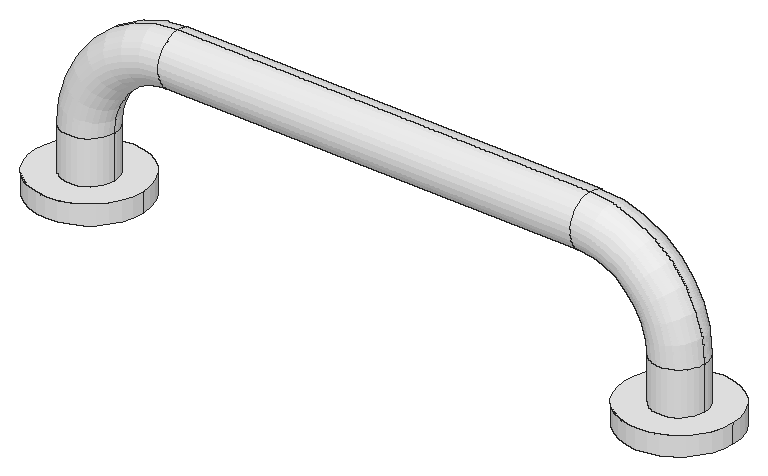
Revit family "Grab_Bar-Grohe-Essentials-40421_Series", category Specialty Equipment, host Face, Revit 2018
Family settings
  Host = Face
  Round Connector Dimension = Use Diameter
  Part Type = Normal
  OmniClass Number = 23.40.20.21.47
  OmniClass Title = Bath Grab Bars
  Cut with Voids When Loaded = No
  Shared = Yes
  Room Calculation Point = No
Parameters (values of type "40421001")
  Width = 3 15/32"
  Warranty Information = "Limited Lifetime Warranty"
  URL = "https://www.grohe.us/en_us/"
  Type Comments = ""
  Revised Date = "05/28/2021"  # constant formula
  Product Page URL = "https://www.grohe.us/Grab-Bars/12-Inch-Grab-Bar/BRUSHED-NICKEL-40421EN1"
  Product Documentation Link = "https://americanstandard.box.com/shared/static/e6iqujw4dbu3ajj84ea96077sde7tfpy.pdf"
  Price = "Prices may vary. Please consult Manufacturer Representative for most up-to-date price list."  # constant formula
  Model = "40421001"
  Material = "Metal-Grohe-001-StarLight Chrome"
  Manufacturer = "Grohe"
  Length = 11 5/8"
  Installation Type = "Wall Mounted"
  Height = 2 1/8"
  Finish = Metal-Grohe-001-StarLight Chrome
  Description = "Essentials Grip Bar"
  Default Elevation = 0"  # constant formula
  Creation Date = "09/05/2019"  # constant formula
  Assembly Code = "C1030200"
Types (6): name | URL | Product Page URL | Product Documentation Link | Model | Material | Finish
  (no name) | "https://www.grohe.us/en_us/" | "https://www.grohe.us/Grab-Bars/12-Inch-Grab-Bar/BRUSHED-NICKEL-40421EN1" | "https://americanstandard.box.com/shared/static/e6iqujw4dbu3ajj84ea96077sde7tfpy.pdf" | "40421001" | "Metal-Grohe-001-StarLight Chrome" | Metal-Grohe-001-StarLight Chrome
  40421A01 | "https://www.grohe.us/" | "https://www.grohe.us/Grab-Bars/12-Inch-Grab-Bar/GROHE-HARD-GRAPHITE-40421A01" | "https://americanstandard.box.com/shared/static/s9vmqgj4y46bsjpgqqwnhyg395g0lkra.pdf" | "40421A01" | "Metal-Grohe-A01-Hard Graphite" | Metal-Grohe-A01-Hard Graphite
  40421BE1 | "https://www.grohe.us/en_us/" | "https://www.grohe.us/Grab-Bars/12-Inch-Grab-Bar/GROHE-POLISHED-NICKEL-40421BE1" | "https://americanstandard.box.com/shared/static/e6iqujw4dbu3ajj84ea96077sde7tfpy.pdf" | "40421BE1" | "Metal-Grohe-BE1-Polished Nickel" | Metal-Grohe-BE1-Polished Nickel
  40421GN1 | "https://www.grohe.us/en_us/" | "https://www.grohe.us/Grab-Bars/12-Inch-Grab-Bar/GROHE-BRUSHED-COOL-SUNRISE-40421GN1" | "https://americanstandard.box.com/shared/static/e6iqujw4dbu3ajj84ea96077sde7tfpy.pdf" | "40421GN1" | "Metal-Grohe-GN1-Brushed Cool Sunset" | Metal-Grohe-GN1-Brushed Cool Sunset
  40421EN1 | "https://www.grohe.us/en_us/" | "https://www.grohe.us/Grab-Bars/12-Inch-Grab-Bar/BRUSHED-NICKEL-40421EN1" | "https://americanstandard.box.com/shared/static/e6iqujw4dbu3ajj84ea96077sde7tfpy.pdf" | "40421EN1" | "Metal-Grohe-EN1-Brushed Nickel Infinity Finish" | Metal-Grohe-EN1-Brushed Nickel Infinity Finish
  40421001 | "https://www.grohe.us/en_us/" | "https://www.grohe.us/Grab-Bars/12-Inch-Grab-Bar/BRUSHED-NICKEL-40421EN1" | "https://americanstandard.box.com/shared/static/e6iqujw4dbu3ajj84ea96077sde7tfpy.pdf" | "40421001" | "Metal-Grohe-001-StarLight Chrome" | Metal-Grohe-001-StarLight Chrome
Reference planes (in)
  plane 1 "Center (Front/Back)": y = 0
  plane 2: z = 0
  plane 3 "Center (Left/Right)": x = 0
  plane 4: y = 1.0625
  plane 5: y = -1.0625
  plane 6: z = 3.46875
  plane 7: y = 0.5
  plane 8: x = -5.8125
  plane 9: x = 5.8125
Forms (in)
  Extrusion 1, solid, material "Metal-Grohe-001-StarLight Chrome" <- "Finish"
    sketch origin (0, 0, 0) x (1, 0, 0) y (0, 1, 0)
      loop
        circle (-5.80709, 0) r 1.06293
      loop
        circle (5.80709, 0) r 1.06293
    from 0 to 0.37402
  Sweep 2, solid, material "Metal-Grohe-001-StarLight Chrome" <- "Finish"
    path origin (0, 0, 0) x (1, 0, 0) y (0, 0, 1)
      loop
        line (6.31127, 0.37402) -> (6.31127, 1.21457)
        arc (6.31127, 1.21457) -> (5.65103, 2.80852) -> (4.05709, 3.46875) r 2.25418
        line (4.05709, 3.46875) -> (-4.05709, 3.46875)
        arc (-4.05709, 3.46875) -> (-5.64808, 2.80974) -> (-6.30709, 1.21875) r 2.25
        line (-6.30709, 1.21875) -> (-6.30709, 0.37402)
    profile origin (6.31127, 0, 0.79429) x (-1, 0, 0) y (0, -1, 0)
      loop
        circle (0.5, 0) r 0.5
Cuts and joins
  joined: Extrusion 1, Sweep 2
Lines and regions (in)
  Masking region 1
    outline origin (0, 0, 0) x (1, 0, 0) y (0, 0, 1)
      loop
        line (6.87001, 0.37402) -> (6.31127, 0.37402) -> (6.31127, 1.21457)
        arc (6.31127, 1.21457) -> (5.65103, 2.80852) -> (4.05709, 3.46875) r 2.25418
        line (4.05709, 3.46875) -> (-4.05709, 3.46875)
        arc (-4.05709, 3.46875) -> (-5.64747, 2.80999) -> (-6.30623, 1.2196) r 2.24915
        line (-6.30623, 1.2196) -> (-6.30623, 0.37402) -> (-6.86916, 0.37402) -> (-6.86916, 0) -> (-4.74416, 0) -> (-4.74416, 0.37402) -> (-5.30709, 0.37402) -> (-5.30709, 1.2196)
        arc (-5.30709, 1.2196) -> (-4.94097, 2.10349) -> (-4.05709, 2.4696) r 1.25
        line (-4.05709, 2.4696) -> (4.05709, 2.4696)
        arc (4.05709, 2.4696) -> (4.94453, 2.10201) -> (5.31212, 1.21457) r 1.25503
        line (5.31212, 1.21457) -> (5.31212, 0.37402) -> (4.74919, 0.37402) -> (4.74919, 0) -> (6.87001, 0) -> (6.87001, 0.37402)
  symbolic lines, detail levels medium+fine
    curve 1: line (5.30709, 0, 0.37402) -> (6.30709, 0, 0.37402)
    curve 2: line (-5.30709, 0, 0.37402) -> (-6.30709, 0, 0.37402)
Dimensions and locks (in)
  equal spacing: plane 5, plane 1 "Center (Front/Back)", plane 4
  "Height": plane 5 to plane 4
  "Width": plane 2 to plane 6
  plane 7 to plane 1 "Center (Front/Back)" = 1/2"
  equal spacing: plane 8, plane 3 "Center (Left/Right)", plane 9
  "Length": plane 8 to plane 9
  plane 9 to plane 8 = 11 5/8"
  "Height": Masking region 1 to Masking region 1
  aligned and locked: plane 2 to host face
  aligned and locked: level to host face
Automatic sketch dimensions
  host sketch curve to host sketch curve = 96"  (x2)
  plane 1 "Center (Front/Back)" to Extrusion 1 sketch curve = 0"  (x2)
  plane 3 "Center (Left/Right)" to Extrusion 1 sketch curve = 5.80709"
  Extrusion 1 sketch curve to plane 3 "Center (Left/Right)" = 5.80709"
  Sweep 2 sketch curve to plane 6 = 0"
  level to Sweep 2 sketch curve = 1.21457"
  level to Sweep 2 sketch curve = 0.37402"  (x2)
  plane 1 "Center (Front/Back)" to Sweep 2 sketch curve = 0"
  Sweep 2 sketch curve to profile plane = 1/2"
  Masking region 1 sketch curve to Masking region 1 sketch curve = 0"  (x5)
  Masking region 1 sketch curve to level = 0"  (x2)
  Masking region 1 sketch curve to plane 6 = 0"
  Masking region 1 sketch curve to Masking region 1 sketch curve = 0.56293"  (x3)
  Masking region 1 sketch curve to Masking region 1 sketch curve = 0.99915"
  Masking region 1 sketch curve to Masking region 1 sketch curve = 0.68707"
  level to Masking region 1 sketch curve = 1.21457"
  level to Masking region 1 sketch curve = 0.37402"  (x2)
  Masking region 1 sketch curve to Masking region 1 sketch curve = 0.37402"  (x2)
  level to curve 1 = 0.37402"
  level to curve 2 = 0.37402"
  curve 2 to curve 2 = 1"
  plane 3 "Center (Left/Right)" to curve 1 = 5.30709"
  curve 1 to curve 1 = 1"
  plane 3 "Center (Left/Right)" to Sweep 2 sketch curve = 4.05709"
  plane 3 "Center (Left/Right)" to Masking region 1 sketch curve = 4.05709"
  Masking region 1 sketch curve to Masking region 1 sketch curve = 0.55875"
  curve 2 to plane 3 "Center (Left/Right)" = 5.30709"
  level to Sweep 2 sketch curve = 1 7/32"
  Sweep 2 sketch curve to plane 3 "Center (Left/Right)" = 4.05709"
  Masking region 1 sketch curve to plane 3 "Center (Left/Right)" = 4.05709"
  radius of Extrusion 1 sketch curve = 1.06293"  (x2)
  radius of Sweep 2 sketch curve = 1/2"
